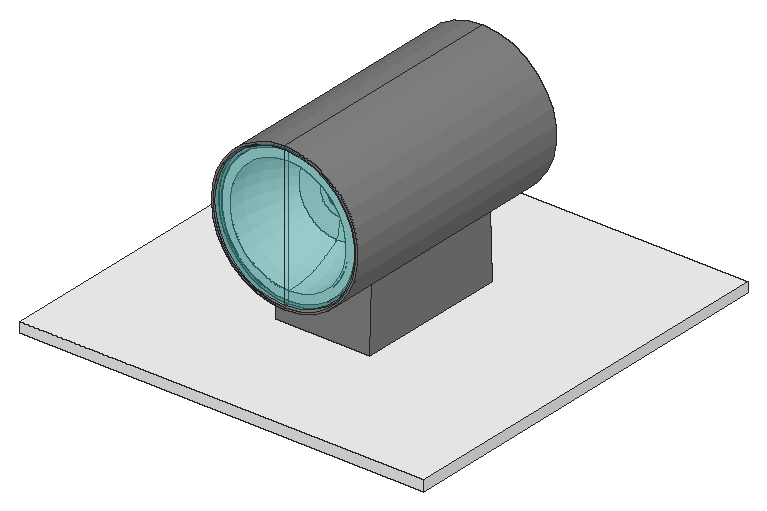
Revit family "BE_24732_de_DE", category Leuchten, Revit 2020
Family settings
  Basisbauteil = Fläche
  Bemaßung runder Anschluss = Durchmesser verwenden
  Teiletyp = Normal
  Beim Laden mit Abzugskörper schneiden = Ja
  Lichtquelle = Ja
  Gemeinsam genutzt = Nein
  Raumberechnungspunkt = Ja
Parameters (values of type "BEGA_24732_Grafit_K4")
  built-in parameter 1150104 = 16.061 (stored number, unit not read)
  Wattage = 17.7 W
  Default Elevation = 0 mm
  built-in parameter 1150113 = 1 (stored number, unit not read)
  built-in parameter 1114218 = 1 (stored number, unit not read)
  Umgebungstemperatur = "25 °C"
  URL = "https://www.bega.com/de/produkt/24732"
  Typenkommentare = "© 2022 BEGA. Wir behalten uns das Recht vor, technische Änderungen ohne vorherige Ankündigung vorzunehmen."  # constant formula
  built-in parameter 1150134 = 12
  built-in parameter 1150109 = 1 (stored number, unit not read)
  Strom = ""
  built-in parameter 1150110 = 1 (stored number, unit not read)
  Spannung = 239.996 V
  Sonderanfertigung = no
  Seriennummer [instance] = "Hier können Sie die eindeutige Seriennummer für das Facility Management eintragen."
  Schutzklasse = "I"
  Schutzart = "IP 65"
  Scheinlast = 0 VA
  Produktdatenblatt = "https://cdn.bega.com/bega/products/24732WK4/current/documents/data-sheets/de"
  Oberflächentemperatur = ""
  Neigungswinkel = 0.00°
  Modell = "24732K4"
  Material_17 = BEGA_Reflektor
  Material_15 = BEGA_Leuchtmedium_matt
  Material_09 = BEGA_Glas_klar
  Material_06 = BEGA_Oberfläche_Edelstahl_gebürstet
  Material_03 = BEGA_Oberfläche_Weiss_matt
  Material_02 = BEGA_Oberfläche_Silber_matt
  Material_01 [instance] = BEGA_Oberfläche_Grafit_matt
  M_W = no
  M_G = yes
  M_A = no
  Logo = 0
  built-in parameter 1114217 = 1 (stored number, unit not read)
  built-in parameter 1150139 = (empty or 0)
  built-in parameter 1150105 = 243.51 (stored number, unit not read)
  built-in parameter 1150114 = 1 (stored number, unit not read)
  Lumens = 3059.98 lm
  built-in parameter 1150115 = 1 (stored number, unit not read)
  Leuchtenlichtstrom = "2182 lm"
  Leuchtenanzahl = ""
  Lebensdauerkriterien = "L70B50 @ 25 °C = 145000 h"
  Lastklassifizierung = Beleuchtung
  built-in parameter 1150112 = 1 (stored number, unit not read)
  Lampenlichtstrom = "3060 lm"
  Lampe = "LED 17.7 W"
  LED_Modulbezeichnung = "LED-0800/840"
  built-in parameter 1150142 = (empty or 0)
  Hersteller = "BEGA"  # constant formula
  Halbstreuwinkel = ""
  Gewicht = "3.7 kg"
  Gebrauchslageneinschränkung [instance] = ""
  Frequenz = "0/50-60 Hz"
  Farbwiedergabeindex = "CRI > 80"
  Farbtemperaturverschiebung bei Dämpfen der Lampe = <Keine Auswahl>
  Farbtemperatur = "4000 K"
  Color Filter = 16777215
  built-in parameter 1150133 = 10 (stored number, unit not read)
  Energieeffizienzklasse = "LED A++ - A"
  built-in parameter 1150137 = (empty or 0)
  built-in parameter 1150132 = (empty or 0)
  ENEC = ""
  Dimmbar [instance] = "DALI"
  Datei für fotometrisches Netz = "BE_24732K4.IES"
  CE_Konformität = "ja"
  Bestellnummer = "24732K4"
  Beschreibung_Sonderanfertigung = "Hier können Sie Informationen zur Sonderanfertigung eintragen."
  Beschreibung = "Wandleuchte"
  built-in parameter 1150106 = 2.4351 (stored number, unit not read)
  Befestigungsbohrung = "Ø 5,4 mm"
  Befestigungsabstand = "70 x 125 mm"
  Ballwurfsicher = ""
  Anschlussleitung = ""
  Anschlussleistung [instance] = "20.5 W"
  Anschlusskasten = ""
  built-in parameter 1150107 = 4000 (stored number, unit not read)
  built-in parameter 1150102 = (empty or 0)
  built-in parameter 1150138 = (empty or 0)
  Aktualisierung = "2022-05-18T04:00:07"
  Abstand_zur_angestrahlten_Fläche [instance] = ""
  AC/DC = "AC/DC"
Types (6, lengths in mm): name | built-in parameter 1150104 | built-in parameter 1150134 | Modell | M_W | M_G | M_A | built-in parameter 1150105 | Lumens | Leuchtenlichtstrom | Lampenlichtstrom | LED_Modulbezeichnung | Farbtemperatur | Datei für fotometrisches Netz | Bestellnummer | built-in parameter 1150106 | built-in parameter 1150107
  BEGA_24732_Silber_K3 | 15.641 (stored number, unit not read) | (empty or 0) | "24732AK3" | no | no | yes | 237.14 (stored number, unit not read) | 2979.97 lm | "2125 lm" | "2980 lm" | "LED-0800/830" | "3000 K" | "BE_24732K3.IES" | "24732AK3" | 2.3714 (stored number, unit not read) | 3000 (stored number, unit not read)
  BEGA_24732_Silber_K4 | 16.061 (stored number, unit not read) | 12 | "24732AK4" | no | no | yes | 243.51 (stored number, unit not read) | 3059.98 lm | "2182 lm" | "3060 lm" | "LED-0800/840" | "4000 K" | "BE_24732K4.IES" | "24732AK4" | 2.4351 (stored number, unit not read) | 4000 (stored number, unit not read)
  BEGA_24732_Grafit_K3 | 15.641 (stored number, unit not read) | (empty or 0) | "24732K3" | no | yes | no | 237.14 (stored number, unit not read) | 2979.97 lm | "2125 lm" | "2980 lm" | "LED-0800/830" | "3000 K" | "BE_24732K3.IES" | "24732K3" | 2.3714 (stored number, unit not read) | 3000 (stored number, unit not read)
  BEGA_24732_Weiß_K3 | 15.641 (stored number, unit not read) | (empty or 0) | "24732WK3" | yes | no | no | 237.14 (stored number, unit not read) | 2979.97 lm | "2125 lm" | "2980 lm" | "LED-0800/830" | "3000 K" | "BE_24732K3.IES" | "24732WK3" | 2.3714 (stored number, unit not read) | 3000 (stored number, unit not read)
  BEGA_24732_Weiß_K4 | 16.061 (stored number, unit not read) | 12 | "24732WK4" | yes | no | no | 243.51 (stored number, unit not read) | 3059.98 lm | "2182 lm" | "3060 lm" | "LED-0800/840" | "4000 K" | "BE_24732K4.IES" | "24732WK4" | 2.4351 (stored number, unit not read) | 4000 (stored number, unit not read)
  BEGA_24732_Grafit_K4 | 16.061 (stored number, unit not read) | 12 | "24732K4" | no | yes | no | 243.51 (stored number, unit not read) | 3059.98 lm | "2182 lm" | "3060 lm" | "LED-0800/840" | "4000 K" | "BE_24732K4.IES" | "24732K4" | 2.4351 (stored number, unit not read) | 4000 (stored number, unit not read)
Reference planes
  plane 1 "Mitte (Vorne/Hinten)": y = 0
  plane 2: z = 0
  plane 3 "Mitte (Links/Rechts)": x = 0
  plane 4 "Links": x = -72.411
  plane 5 "Rechts": x = 72.56
  plane 6 "Unten": y = -122.25
  plane 7 "Oben": y = 122.25
  plane 8 "Vorne": z = 191.504
  plane 9 "Hinten": z = 0
Forms (mm)
  Extrusion 1, solid, material "BEGA_Platte_Weiss"
    sketch origin (0, -1119.2, 0) x (1, 0, 0) y (0, 1, 0)
      loop
        line (-200, 1319.2) -> (-200, 919.2) -> (200, 919.2) -> (200, 1319.2) -> (-200, 1319.2)
    from 0 to -10
  Extrusion 2, solid, material "BEGA_Dummy_matt", not visible
    sketch origin (80.095, -76.023, 0) x (1, 0, 0) y (0, 1, 0)
      loop
        line (-152.507, 198.273) -> (-152.507, -46.227) -> (-7.536, -46.227) -> (-7.536, 198.273) -> (-152.507, 198.273)
    from 0 to 191.504
Dimensions and locks
  plane 1 "Mitte (Vorne/Hinten)" to Extrusion 1 = 200 mm
  aligned and locked: Extrusion 1 to plane 2
  aligned and locked: level to Extrusion 1
Nested families
  nested 1: "BE_24732" at (0, 0, 0) x (0, -1, 0) z (0, 0, 1), type "BE_24732"
Connectors
  electrical at (0, 0, 0), driven by "Lastklassifizierung", driven by "Spannung", driven by "Scheinlast"
    settings: index 1, voltage 239.996 V, apparent load 0 VA, apparent load phase1 0 VA, apparent load phase2 0 VA, apparent load phase3 0 VA, power factor 1, load classification "Beleuchtung", number of poles 1, system type 31, power factor state 1, is connector primary yes, connector utility no, sub classification motor no, connector description ""
Definition of nested family "BE_24732"
  Parameters (values of type "BE_24732")
    Default Elevation = 1 mm
    URL = "http://www.bega.de/de/produkt"
    Type Comments = "© 2015 BEGA. Wir behalten uns das Recht vor, technische Änderungen ohne vorherige Ankündigung vorzunehmen. "  # constant formula
    Type Image = (empty or 0)
    Material_17 = none
    Material_15 = none
    Material_09 = none
    Material_06 = none
    Material_03 = none
    Material_02 = none
    Material_01 = none
    M_W = yes
    M_G = yes
    M_A = yes
    Länge_Platte = 400 mm  # constant formula
    Höhe_Platte = -20 mm  # constant formula
    Manufacturer = "BEGA"  # constant formula
    Breite_Platte = 400 mm  # constant formula
  Reference planes
    plane 1 "Mitte (Oben/Unten)": y = 0
    plane 2: z = 0
    plane 3 "Mitte (Links/Rechts)": x = 0
    plane 4: x = 122.25
    plane 5: x = -122.25
    plane 6: z = 191.504
    plane 7: y = 72.56
    plane 8: y = -72.411
  Forms (mm)
    Extrusion 1, solid, detail levels medium
      sketch origin (0, 0, 0) x (1, 0, 0) y (0, 1, 0)
        loop
          line (-200, 200) -> (-200, -200) -> (200, -200) -> (200, 200) -> (-200, 200)
      from 0 to -20 <- "Höhe_Platte"
    Revolve 2, solid, material <- "Material_01", visible <- "M_G"
      sketch origin (0, 0, 0) x (1, 0, 0) y (0, 0, 1)
        loop
          line (122.25, 191.5) -> (-122.25, 191.5) -> (-122.25, 119) -> (122.25, 119) -> (122.25, 191.5)
        axis (122.25, 119) -> (-122.25, 119)
      angle from 0 to 360
    Revolve 3, void
      sketch origin (0, 0, 0) x (-1, 0, 0) y (0, 0, 1)
        loop
          line (-118.05, 185.483) -> (-118.05, 188.353) -> (-122.869, 190.107) -> (-122.869, 119) -> (-49.75, 119) -> (-49.75, 183.097) -> (-118.05, 185.483)
        axis (-122.869, 119) -> (-49.75, 119)
      angle from 0 to 360
    Revolve 4, solid, material <- "Material_09"
      sketch origin (0, 0, 0) x (-1, 0, 0) y (0, 0, 1)
        loop
          line (-122.15, 188) -> (-122.15, 119) -> (-118.05, 119) -> (-118.05, 188) -> (-122.15, 188)
        axis (-122.15, 119) -> (-118.05, 119)
      angle from 0 to 360
    Revolve 5, solid, material <- "Material_17"
      sketch origin (0, 0, 0) x (-1, 0, 0) y (0, 0, 1)
        loop
          line (-118.05, 185.472) -> (-118.05, 176.553)
          arc (-118.05, 176.553) -> (-86.143, 172.569) -> (-57.718, 157.535) r 89.254
          line (-57.718, 157.535) -> (-54.455, 139.026) -> (-54.455, 131.623) -> (-53.05, 131.5) -> (-53.055, 139.148) -> (-56.422, 158.248)
          arc (-56.422, 158.248) -> (-84.673, 173.792) -> (-116.65, 177.94) r 86.715
          line (-116.65, 177.94) -> (-116.65, 185.472) -> (-118.05, 185.472)
        axis (-118.05, 119) -> (-53.05, 119)
      angle from 0 to 360
    Revolve 6, solid, material <- "Material_02", visible <- "M_A"
      sketch origin (0, 0, 0) x (1, 0, 0) y (0, 0, 1)
        loop
          line (122.25, 191.5) -> (-122.25, 191.5) -> (-122.25, 119) -> (122.25, 119) -> (122.25, 191.5)
        axis (122.25, 119) -> (-122.25, 119)
      angle from 0 to 360
    Revolve 7, solid, material <- "Material_03", visible <- "M_W"
      sketch origin (0, 0, 0) x (1, 0, 0) y (0, 0, 1)
        loop
          line (122.25, 191.5) -> (-122.25, 191.5) -> (-122.25, 119) -> (122.25, 119) -> (122.25, 191.5)
        axis (122.25, 119) -> (-122.25, 119)
      angle from 0 to 360
    Revolve 8, solid, material <- "Material_15"
      sketch origin (0, 0, 0) x (-1, 0, 0) y (0, 0, 1)
        loop
          line (-51.3, 134.8) -> (-51.3, 119) -> (-49.75, 119) -> (-49.75, 134.8) -> (-51.3, 134.8)
        axis (-51.3, 119) -> (-49.75, 119)
      angle from 0 to 360
    Extrusion 9, solid, material <- "Material_01", visible <- "M_G"
      sketch origin (0, 0, 0) x (1, 0, 0) y (0, 0, 1)
        loop
          line (-73.272, 67.178) -> (-75, 1.2) -> (75, 1.2) -> (73.272, 67.178) -> (-73.272, 67.178)
      from -46.624 to 46.624
    Extrusion 10, solid, material <- "Material_02", visible <- "M_A"
      sketch origin (0, 0, 0) x (1, 0, 0) y (0, 0, 1)
        loop
          line (-73.272, 67.178) -> (-75, 1.2) -> (75, 1.2) -> (73.272, 67.178) -> (-73.272, 67.178)
      from -46.624 to 46.624
    Extrusion 11, solid, material <- "Material_03", visible <- "M_W"
      sketch origin (0, 0, 0) x (1, 0, 0) y (0, 0, 1)
        loop
          line (-73.272, 67.178) -> (-75, 1.2) -> (75, 1.2) -> (73.272, 67.178) -> (-73.272, 67.178)
      from -46.624 to 46.624
    Extrusion 12, solid, material <- "Material_01", visible <- "M_G"
      sketch origin (0, 0, 0) x (1, 0, 0) y (0, 1, 0)
        loop
          arc (-64.528, 40.215) -> (-69.743, 34.996) -> (-64.52, 29.785) r 5.215
          line (-64.52, 29.785) -> (-60.52, 29.785)
          arc (-60.52, 29.785) -> (-55.313, 35.004) -> (-60.528, 40.215) r 5.215
          line (-60.528, 40.215) -> (-64.528, 40.215)
      from 0 to 13.815
    Extrusion 13, solid, material <- "Material_01", visible <- "M_G"
      sketch origin (0, 0, 0) x (1, 0, 0) y (0, 1, 0)
        loop
          line (-60.532, -29.785) -> (-64.523, -29.785)
          arc (-64.523, -29.785) -> (-69.743, -35.002) -> (-64.52, -40.215) r 5.215
          line (-64.52, -40.215) -> (-60.52, -40.215)
          arc (-60.52, -40.215) -> (-55.318, -34.994) -> (-60.532, -29.785) r 5.215
        loop
          line (-64.522, -37.715) -> (-60.522, -37.715)
          arc (-60.522, -37.715) -> (-57.813, -35) -> (-60.522, -32.285) r 2.715
          line (-60.522, -32.285) -> (-64.522, -32.285)
          arc (-64.522, -32.285) -> (-67.243, -35) -> (-64.522, -37.715) r 2.715
      from 0 to 13.815
    Extrusion 14, solid, material <- "Material_01", visible <- "M_G"
      sketch origin (0, 0, 0) x (1, 0, 0) y (0, 1, 0)
        loop
          arc (67.687, -33) -> (62.472, -27.785) -> (57.257, -33) r 5.215
          line (57.257, -33) -> (57.257, -37)
          arc (57.257, -37) -> (62.472, -42.215) -> (67.687, -37) r 5.215
          line (67.687, -37) -> (67.687, -33)
      from 0 to 15.172
    Extrusion 15, solid, material <- "Material_01", visible <- "M_G"
      sketch origin (0, 0, 0) x (1, 0, 0) y (0, 1, 0)
        loop
          arc (59.757, 33) -> (62.472, 30.285) -> (65.187, 33) r 2.715
          line (65.187, 33) -> (65.187, 37)
          arc (65.187, 37) -> (62.472, 39.715) -> (59.757, 37) r 2.715
          line (59.757, 37) -> (59.757, 33)
        loop
          line (57.257, 37) -> (57.257, 33)
          arc (57.257, 33) -> (62.472, 27.785) -> (67.687, 33) r 5.215
          line (67.687, 33) -> (67.687, 37)
          arc (67.687, 37) -> (62.472, 42.215) -> (57.257, 37) r 5.215
      from 0 to 15.172
    Extrusion 16, solid, material <- "Material_02", visible <- "M_A"
      sketch origin (0, 0, 0) x (1, 0, 0) y (0, 1, 0)
        loop
          arc (67.687, -33) -> (62.472, -27.785) -> (57.257, -33) r 5.215
          line (57.257, -33) -> (57.257, -37)
          arc (57.257, -37) -> (62.472, -42.215) -> (67.687, -37) r 5.215
          line (67.687, -37) -> (67.687, -33)
      from 0 to 15.172
    Extrusion 17, solid, material <- "Material_03", visible <- "M_W"
      sketch origin (0, 0, 0) x (1, 0, 0) y (0, 1, 0)
        loop
          arc (67.687, -33) -> (62.472, -27.785) -> (57.257, -33) r 5.215
          line (57.257, -33) -> (57.257, -37)
          arc (57.257, -37) -> (62.472, -42.215) -> (67.687, -37) r 5.215
          line (67.687, -37) -> (67.687, -33)
      from 0 to 15.172
    Extrusion 18, solid, material <- "Material_02", visible <- "M_A"
      sketch origin (0, 0, 0) x (1, 0, 0) y (0, 1, 0)
        loop
          arc (59.757, 33) -> (62.472, 30.285) -> (65.187, 33) r 2.715
          line (65.187, 33) -> (65.187, 37)
          arc (65.187, 37) -> (62.472, 39.715) -> (59.757, 37) r 2.715
          line (59.757, 37) -> (59.757, 33)
        loop
          line (57.257, 37) -> (57.257, 33)
          arc (57.257, 33) -> (62.472, 27.785) -> (67.687, 33) r 5.215
          line (67.687, 33) -> (67.687, 37)
          arc (67.687, 37) -> (62.472, 42.215) -> (57.257, 37) r 5.215
      from 0 to 15.172
    Extrusion 19, solid, material <- "Material_03", visible <- "M_W"
      sketch origin (0, 0, 0) x (1, 0, 0) y (0, 1, 0)
        loop
          arc (59.757, 33) -> (62.472, 30.285) -> (65.187, 33) r 2.715
          line (65.187, 33) -> (65.187, 37)
          arc (65.187, 37) -> (62.472, 39.715) -> (59.757, 37) r 2.715
          line (59.757, 37) -> (59.757, 33)
        loop
          line (57.257, 37) -> (57.257, 33)
          arc (57.257, 33) -> (62.472, 27.785) -> (67.687, 33) r 5.215
          line (67.687, 33) -> (67.687, 37)
          arc (67.687, 37) -> (62.472, 42.215) -> (57.257, 37) r 5.215
      from 0 to 15.172
    Extrusion 20, solid, material <- "Material_02", visible <- "M_A"
      sketch origin (0, 0, 0) x (1, 0, 0) y (0, 1, 0)
        loop
          line (-60.532, -29.785) -> (-64.523, -29.785)
          arc (-64.523, -29.785) -> (-69.743, -35.002) -> (-64.52, -40.215) r 5.215
          line (-64.52, -40.215) -> (-60.52, -40.215)
          arc (-60.52, -40.215) -> (-55.318, -34.994) -> (-60.532, -29.785) r 5.215
        loop
          line (-64.522, -37.715) -> (-60.522, -37.715)
          arc (-60.522, -37.715) -> (-57.813, -35) -> (-60.522, -32.285) r 2.715
          line (-60.522, -32.285) -> (-64.522, -32.285)
          arc (-64.522, -32.285) -> (-67.243, -35) -> (-64.522, -37.715) r 2.715
      from 0 to 13.815
    Extrusion 21, solid, material <- "Material_03", visible <- "M_W"
      sketch origin (0, 0, 0) x (1, 0, 0) y (0, 1, 0)
        loop
          line (-60.532, -29.785) -> (-64.523, -29.785)
          arc (-64.523, -29.785) -> (-69.743, -35.002) -> (-64.52, -40.215) r 5.215
          line (-64.52, -40.215) -> (-60.52, -40.215)
          arc (-60.52, -40.215) -> (-55.318, -34.994) -> (-60.532, -29.785) r 5.215
        loop
          line (-64.522, -37.715) -> (-60.522, -37.715)
          arc (-60.522, -37.715) -> (-57.813, -35) -> (-60.522, -32.285) r 2.715
          line (-60.522, -32.285) -> (-64.522, -32.285)
          arc (-64.522, -32.285) -> (-67.243, -35) -> (-64.522, -37.715) r 2.715
      from 0 to 13.815
    Extrusion 22, solid, material <- "Material_02", visible <- "M_A"
      sketch origin (0, 0, 0) x (1, 0, 0) y (0, 1, 0)
        loop
          arc (-64.528, 40.215) -> (-69.743, 34.996) -> (-64.52, 29.785) r 5.215
          line (-64.52, 29.785) -> (-60.52, 29.785)
          arc (-60.52, 29.785) -> (-55.313, 35.004) -> (-60.528, 40.215) r 5.215
          line (-60.528, 40.215) -> (-64.528, 40.215)
      from 0 to 13.815
    Extrusion 23, solid, material <- "Material_03", visible <- "M_W"
      sketch origin (0, 0, 0) x (1, 0, 0) y (0, 1, 0)
        loop
          arc (-64.528, 40.215) -> (-69.743, 34.996) -> (-64.52, 29.785) r 5.215
          line (-64.52, 29.785) -> (-60.52, 29.785)
          arc (-60.52, 29.785) -> (-55.313, 35.004) -> (-60.528, 40.215) r 5.215
          line (-60.528, 40.215) -> (-64.528, 40.215)
      from 0 to 13.815
  Cuts and joins
    Revolve 3 cuts Revolve 2
    Revolve 3 cuts Revolve 7
    Revolve 3 cuts Revolve 6
  Dimensions and locks
    equal spacing: Extrusion 1 sketch curve, plane 3 "Mitte (Links/Rechts)", Extrusion 1 sketch curve
    equal spacing: Extrusion 1 sketch curve, plane 1 "Mitte (Oben/Unten)", Extrusion 1 sketch curve
    "Länge_Platte": Extrusion 1 sketch curve to Extrusion 1 sketch curve
    "Breite_Platte": Extrusion 1 sketch curve to Extrusion 1 sketch curve
    aligned and locked: Extrusion 1 to plane 2
    aligned and locked: Extrusion 1 to level
  Automatic sketch dimensions
    Revolve 2 sketch curve to plane 3 "Mitte (Links/Rechts)" = 122.25 mm
    plane 3 "Mitte (Links/Rechts)" to Revolve 2 sketch curve = 122.25 mm
    level to Revolve 2 sketch curve = 119 mm
    Revolve 2 sketch curve to Revolve 2 sketch curve = 72.5 mm
    plane 3 "Mitte (Links/Rechts)" to Revolve 2 sketch curve = 51.05 mm
    Revolve 2 sketch curve to Revolve 2 sketch curve = 2.2 mm
    Revolve 2 sketch curve to Revolve 2 sketch curve = 0 mm
    Revolve 3 sketch curve to plane 3 "Mitte (Links/Rechts)" = 122.869 mm
    Revolve 3 sketch curve to Revolve 3 sketch curve = 4.819 mm
    Revolve 3 sketch curve to plane 3 "Mitte (Links/Rechts)" = 49.75 mm
    Revolve 3 sketch curve to level = 119 mm
    Revolve 3 sketch curve to Revolve 3 sketch curve = 64.097 mm
    Revolve 3 sketch curve to Revolve 3 sketch curve = 66.483 mm
    Revolve 3 sketch curve to Revolve 3 sketch curve = 2.87 mm
    Revolve 3 sketch curve to Revolve 3 sketch curve = 1.754 mm
    Revolve 3 sketch curve to Revolve 3 sketch curve = 2.819 mm
    Revolve 3 sketch curve to Revolve 3 sketch curve = 1.299 mm
    Revolve 3 sketch curve to Revolve 3 sketch curve = 0 mm
    Revolve 4 sketch curve to plane 3 "Mitte (Links/Rechts)" = 122.15 mm
    Revolve 4 sketch curve to Revolve 4 sketch curve = 4.1 mm
    Revolve 4 sketch curve to level = 119 mm
    Revolve 4 sketch curve to Revolve 4 sketch curve = 69 mm
    Revolve 4 sketch curve to Revolve 4 sketch curve = 2 mm
    Revolve 4 sketch curve to plane 3 "Mitte (Links/Rechts)" = 51.049 mm
    Revolve 4 sketch curve to Revolve 4 sketch curve = 0 mm
    Revolve 5 sketch curve to plane 3 "Mitte (Links/Rechts)" = 118.05 mm
    Revolve 5 sketch curve to Revolve 5 sketch curve = 1.4 mm  (x2)
    Revolve 5 sketch curve to Revolve 5 sketch curve = 5.074 mm
    Revolve 5 sketch curve to Revolve 5 sketch curve = 1.354 mm
    Revolve 5 sketch curve to plane 3 "Mitte (Links/Rechts)" = 57.718 mm
    Revolve 5 sketch curve to Revolve 5 sketch curve = 1.296 mm
    Revolve 5 sketch curve to Revolve 5 sketch curve = 3.264 mm
    Revolve 5 sketch curve to Revolve 5 sketch curve = 1.405 mm
    Revolve 5 sketch curve to level = 87.443 mm
    Revolve 5 sketch curve to Revolve 5 sketch curve = 3.927 mm
    Revolve 5 sketch curve to Revolve 5 sketch curve = 40.129 mm
    Revolve 5 sketch curve to Revolve 5 sketch curve = 0.123 mm
    Revolve 5 sketch curve to Revolve 5 sketch curve = 7.403 mm
    Revolve 5 sketch curve to Revolve 5 sketch curve = 0.122 mm
    Revolve 5 sketch curve to Revolve 5 sketch curve = 18.51 mm
    Revolve 5 sketch curve to Revolve 5 sketch curve = 0.712 mm
    Revolve 5 sketch curve to Revolve 5 sketch curve = 7.532 mm
    Revolve 5 sketch curve to Revolve 5 sketch curve = 8.428 mm
    Revolve 5 sketch curve to Revolve 5 sketch curve = 2 mm
    Revolve 5 sketch curve to Revolve 5 sketch curve = 27.629 mm
    Revolve 6 sketch curve to plane 3 "Mitte (Links/Rechts)" = 122.25 mm
    plane 3 "Mitte (Links/Rechts)" to Revolve 6 sketch curve = 122.25 mm
    level to Revolve 6 sketch curve = 119 mm
    Revolve 6 sketch curve to Revolve 6 sketch curve = 72.5 mm
    plane 3 "Mitte (Links/Rechts)" to Revolve 6 sketch curve = 51.05 mm
    Revolve 6 sketch curve to Revolve 6 sketch curve = 2.2 mm
    Revolve 6 sketch curve to Revolve 6 sketch curve = 0 mm
    Revolve 7 sketch curve to plane 3 "Mitte (Links/Rechts)" = 122.25 mm
    plane 3 "Mitte (Links/Rechts)" to Revolve 7 sketch curve = 122.25 mm
    level to Revolve 7 sketch curve = 119 mm
    Revolve 7 sketch curve to Revolve 7 sketch curve = 72.5 mm
    plane 3 "Mitte (Links/Rechts)" to Revolve 7 sketch curve = 51.05 mm
    Revolve 7 sketch curve to Revolve 7 sketch curve = 2.2 mm
    Revolve 7 sketch curve to Revolve 7 sketch curve = 0 mm
    Revolve 8 sketch curve to plane 3 "Mitte (Links/Rechts)" = 51.3 mm
    Revolve 8 sketch curve to Revolve 8 sketch curve = 1.55 mm
    Revolve 8 sketch curve to level = 119 mm
    Revolve 8 sketch curve to Revolve 8 sketch curve = 15.8 mm
    Revolve 8 sketch curve to Revolve 8 sketch curve = 68.75 mm
    Revolve 8 sketch curve to Revolve 8 sketch curve = 0.25 mm
    Revolve 8 sketch curve to Revolve 8 sketch curve = 0 mm
    level to Extrusion 9 sketch curve = 1.2 mm
    Extrusion 9 sketch curve to plane 3 "Mitte (Links/Rechts)" = 75 mm
    Extrusion 9 sketch curve to Extrusion 9 sketch curve = 1.728 mm  (x2)
    plane 3 "Mitte (Links/Rechts)" to Extrusion 9 sketch curve = 73.272 mm
    Extrusion 9 sketch curve to Extrusion 9 sketch curve = 65.978 mm
    level to Extrusion 10 sketch curve = 1.2 mm
    Extrusion 10 sketch curve to plane 3 "Mitte (Links/Rechts)" = 75 mm
    Extrusion 10 sketch curve to Extrusion 10 sketch curve = 1.728 mm  (x2)
    plane 3 "Mitte (Links/Rechts)" to Extrusion 10 sketch curve = 73.272 mm
    Extrusion 10 sketch curve to Extrusion 10 sketch curve = 65.978 mm
    level to Extrusion 11 sketch curve = 1.2 mm
    Extrusion 11 sketch curve to plane 3 "Mitte (Links/Rechts)" = 75 mm
    Extrusion 11 sketch curve to Extrusion 11 sketch curve = 1.728 mm  (x2)
    plane 3 "Mitte (Links/Rechts)" to Extrusion 11 sketch curve = 73.272 mm
    Extrusion 11 sketch curve to Extrusion 11 sketch curve = 65.978 mm
    Extrusion 12 sketch curve to plane 3 "Mitte (Links/Rechts)" = 60.528 mm
    Extrusion 12 sketch curve to Extrusion 12 sketch curve = 0.008 mm
    Extrusion 12 sketch curve to plane 1 "Mitte (Oben/Unten)" = 29.785 mm
    Extrusion 12 sketch curve to Extrusion 12 sketch curve = 5.215 mm
    Extrusion 12 sketch curve to Extrusion 12 sketch curve = 0 mm  (x5)
    Extrusion 12 sketch curve to Extrusion 12 sketch curve = 4 mm  (x3)
    Extrusion 13 sketch curve to plane 3 "Mitte (Links/Rechts)" = 60.532 mm
    plane 1 "Mitte (Oben/Unten)" to Extrusion 13 sketch curve = 35 mm
    Extrusion 13 sketch curve to Extrusion 13 sketch curve = 3.99 mm
    Extrusion 13 sketch curve to Extrusion 13 sketch curve = 0.012 mm
    Extrusion 13 sketch curve to Extrusion 13 sketch curve = 3.996 mm
    Extrusion 13 sketch curve to Extrusion 13 sketch curve = 0 mm  (x3)
    Extrusion 13 sketch curve to Extrusion 13 sketch curve = 3.999 mm
    Extrusion 13 sketch curve to Extrusion 13 sketch curve = 0.002 mm  (x2)
    Extrusion 13 sketch curve to Extrusion 13 sketch curve = 2.499 mm
    Extrusion 13 sketch curve to Extrusion 13 sketch curve = 0.001 mm
    Extrusion 13 sketch curve to Extrusion 13 sketch curve = 0.01 mm
    Extrusion 13 sketch curve to Extrusion 13 sketch curve = 0.004 mm
    plane 3 "Mitte (Links/Rechts)" to Extrusion 16 sketch curve = 62.472 mm
    Extrusion 16 sketch curve to Extrusion 16 sketch curve = 0 mm  (x9)
    plane 1 "Mitte (Oben/Unten)" to Extrusion 16 sketch curve = 37 mm
    Extrusion 16 sketch curve to Extrusion 16 sketch curve = 4 mm  (x3)
    Extrusion 16 sketch curve to Extrusion 16 sketch curve = 5.215 mm
    plane 3 "Mitte (Links/Rechts)" to Extrusion 17 sketch curve = 62.472 mm
    Extrusion 17 sketch curve to Extrusion 17 sketch curve = 0 mm  (x9)
    plane 1 "Mitte (Oben/Unten)" to Extrusion 17 sketch curve = 37 mm
    Extrusion 17 sketch curve to Extrusion 17 sketch curve = 4 mm  (x3)
    Extrusion 17 sketch curve to Extrusion 17 sketch curve = 5.215 mm
    Extrusion 18 sketch curve to Extrusion 18 sketch curve = 0 mm  (x22)
    plane 3 "Mitte (Links/Rechts)" to Extrusion 18 sketch curve = 62.472 mm
    Extrusion 18 sketch curve to plane 1 "Mitte (Oben/Unten)" = 33 mm
    Extrusion 18 sketch curve to Extrusion 18 sketch curve = 4 mm
    Extrusion 18 sketch curve to Extrusion 18 sketch curve = 2.715 mm  (x2)
    Extrusion 18 sketch curve to Extrusion 18 sketch curve = 2.499 mm  (x2)
    Extrusion 19 sketch curve to Extrusion 19 sketch curve = 0 mm  (x22)
    plane 3 "Mitte (Links/Rechts)" to Extrusion 19 sketch curve = 62.472 mm
    Extrusion 19 sketch curve to plane 1 "Mitte (Oben/Unten)" = 33 mm
    Extrusion 19 sketch curve to Extrusion 19 sketch curve = 4 mm
    Extrusion 19 sketch curve to Extrusion 19 sketch curve = 2.715 mm  (x2)
    Extrusion 19 sketch curve to Extrusion 19 sketch curve = 2.499 mm  (x2)
    Extrusion 20 sketch curve to Extrusion 20 sketch curve = 0 mm  (x2)
    Extrusion 20 sketch curve to plane 3 "Mitte (Links/Rechts)" = 64.528 mm
    Extrusion 20 sketch curve to Extrusion 20 sketch curve = 0.005 mm
    Extrusion 20 sketch curve to Extrusion 20 sketch curve = 0.001 mm
    Extrusion 20 sketch curve to Extrusion 20 sketch curve = 0.006 mm  (x2)
    Extrusion 20 sketch curve to Extrusion 20 sketch curve = 0.002 mm  (x2)
    Extrusion 20 sketch curve to Extrusion 20 sketch curve = 3.996 mm
    Extrusion 20 sketch curve to Extrusion 20 sketch curve = 0.004 mm
    Extrusion 20 sketch curve to Extrusion 20 sketch curve = 0.01 mm
    plane 1 "Mitte (Oben/Unten)" to Extrusion 20 sketch curve = 40.215 mm
    Extrusion 20 sketch curve to Extrusion 20 sketch curve = 2.499 mm
    Extrusion 20 sketch curve to Extrusion 20 sketch curve = 2.715 mm
    Extrusion 21 sketch curve to Extrusion 21 sketch curve = 0 mm  (x2)
    Extrusion 21 sketch curve to plane 3 "Mitte (Links/Rechts)" = 64.528 mm
    Extrusion 21 sketch curve to Extrusion 21 sketch curve = 0.005 mm
    Extrusion 21 sketch curve to Extrusion 21 sketch curve = 0.001 mm
    Extrusion 21 sketch curve to Extrusion 21 sketch curve = 0.006 mm  (x2)
    Extrusion 21 sketch curve to Extrusion 21 sketch curve = 0.002 mm  (x2)
    Extrusion 21 sketch curve to Extrusion 21 sketch curve = 3.996 mm
    Extrusion 21 sketch curve to Extrusion 21 sketch curve = 0.004 mm
    Extrusion 21 sketch curve to Extrusion 21 sketch curve = 0.01 mm
    plane 1 "Mitte (Oben/Unten)" to Extrusion 21 sketch curve = 40.215 mm
    Extrusion 21 sketch curve to Extrusion 21 sketch curve = 2.499 mm
    Extrusion 21 sketch curve to Extrusion 21 sketch curve = 2.715 mm
    Extrusion 22 sketch curve to plane 3 "Mitte (Links/Rechts)" = 64.528 mm
    Extrusion 22 sketch curve to Extrusion 22 sketch curve = 0.008 mm
    Extrusion 22 sketch curve to Extrusion 22 sketch curve = 4 mm  (x3)
    Extrusion 22 sketch curve to plane 1 "Mitte (Oben/Unten)" = 29.785 mm
    Extrusion 22 sketch curve to Extrusion 22 sketch curve = 5.215 mm
    Extrusion 22 sketch curve to Extrusion 22 sketch curve = 0 mm  (x5)
    Extrusion 23 sketch curve to plane 3 "Mitte (Links/Rechts)" = 64.528 mm
    Extrusion 23 sketch curve to Extrusion 23 sketch curve = 0.008 mm
    Extrusion 23 sketch curve to Extrusion 23 sketch curve = 4 mm  (x3)
    Extrusion 23 sketch curve to plane 1 "Mitte (Oben/Unten)" = 29.785 mm
    Extrusion 23 sketch curve to Extrusion 23 sketch curve = 5.215 mm
    Extrusion 23 sketch curve to Extrusion 23 sketch curve = 0 mm  (x5)
